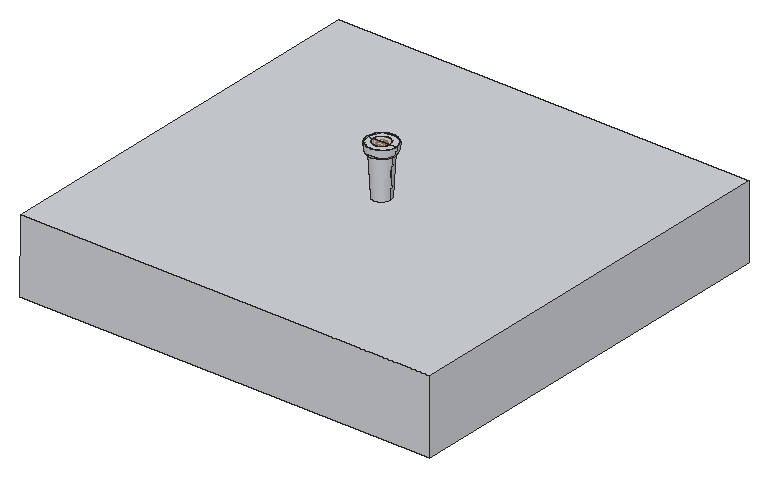
Revit family "Alcon-9036-Revit-Family", category Luminarias, Revit 2025
Family settings
  Anfitrión = Cara
  Cota de conector redondo = Usar diámetro
  Tipo de pieza = Normal
  Corte con vacíos al cargar = No
  Origen de luz = Sí
  Mantener orientación de anotación = No
  Compartido = No
  Punto de cálculo de habitación = No
Parameters
  Tilt Angle = 60.00°
  built-in parameter 1010506 = 0.5236 (stored number, unit not read)
  built-in parameter 1010507 = 1.5708 (stored number, unit not read)
  Wattage = 9.2903 W
  URL = "https://www.alconlighting.com/9036.html"
  built-in parameter 1150107 = 3200 (stored number, unit not read)
  TOP FINISH = none
  TAP LENS = none
  built-in parameter 1150110 = 1 (stored number, unit not read)
  built-in parameter 1150109 = 1 (stored number, unit not read)
  built-in parameter 1150112 = 1 (stored number, unit not read)
  built-in parameter 1150113 = 1 (stored number, unit not read)
  built-in parameter 1114218 = 1 (stored number, unit not read)
  Product Page = "https://www.alconlighting.com/9036.html"
  Product Data URL = "https://www.alconlighting.com/9036.html"
  built-in parameter 1150137 = (empty or 0)
  built-in parameter 1150132 = (empty or 0)
  Modelo = "Alcon Lighting 9036"
  Longitud de símbolo de origen de luz = 10' - 0"
  Link to IES File = "https://www.alconlighting.com/9036.html"
  LENS GLASS = Glass
  built-in parameter 1150105 = 4614.1 (stored number, unit not read)
  built-in parameter 1150102 = (empty or 0)
  built-in parameter 1150106 = 46.141 (stored number, unit not read)
  HOUSING = none
  GLASS LENS = Analytical Panels
  Lumens = 1380 lm
  Color Filter = 16777215
  built-in parameter 1114217 = 1 (stored number, unit not read)
  built-in parameter 1150139 = (empty or 0)
  Fabricante = "Alcon Lighting"
  Default Elevation = 4' - 0"
  built-in parameter 1150104 = 13.8 (stored number, unit not read)
  built-in parameter 1150115 = 1 (stored number, unit not read)
  built-in parameter 1150114 = 1 (stored number, unit not read)
  built-in parameter 1150138 = (empty or 0)
  built-in parameter 1150134 = 3
  Dimming Lamp Color Temperature Shift = (empty or 0)
  built-in parameter 1150133 = 10 (stored number, unit not read)
Reference planes (in)
  plane 1 "Center (Front/Back)": y = 0
  plane 2: z = 0
  plane 3 "Center (Left/Right)": x = 0
Forms (in)
  Extrusion 1, solid
    sketch origin (0, 0, 0) x (1, 0, 0) y (0, 1, 0)
      loop
        line (-33, 32.41633) -> (-33, -32.59453) -> (33.96505, -32.59453) -> (33.96505, 32.41633) -> (-33, 32.41633)
    from 0 to -12
  Revolve 2, solid
    sketch origin (14.6575, 0, 0) x (1, 0, 0) y (0, 0, 1)
      loop
        line (-14.6575, 0) -> (-13.22, 0) -> (-12.86673, 6.74075) -> (-12.47599, 6.74075)
        arc (-12.47599, 6.74075) -> (-12.3903, 6.77474) -> (-12.35122, 6.85824) r 0.125
        line (-12.35122, 6.85824) -> (-12.2825, 8) -> (-12.37616, 8) -> (-12.44533, 6.85073) -> (-12.97484, 6.85073) -> (-13.3264, 0.14265) -> (-14.6575, 0.14265) -> (-14.6575, 0)
      axis (-14.6575, 0) -> (-14.6575, 8)
    angle from 0 to 360
  Revolve 3, solid
    sketch origin (14.6575, 0, 0.00818) x (1, 0, 0) y (0, 0, 1)
      loop
        line (-13.26074, 8) -> (-13.50968, 3.25) -> (-14.6575, 3.25) -> (-14.6575, 3) -> (-13.4075, 3) -> (-13.19774, 7.00244) -> (-12.47726, 7.00244) -> (-12.44347, 7.48559) -> (-12.47536, 7.48559) -> (-12.47536, 7.51684) -> (-12.44129, 7.51684) -> (-12.4075, 8) -> (-13.26074, 8)
      axis (-14.6575, 3) -> (-14.6575, 8)
    angle from 0 to 360
  Revolve 4, solid, material "Analytical Panels" <- "GLASS LENS"
    sketch origin (14.6575, 0, 0.00818) x (1, 0, 0) y (0, 0, 1)
      loop
        line (-14.6575, 7.90376) -> (-13.26889, 7.90376) -> (-13.26889, 7.95328)
        arc (-13.26889, 7.95328) -> (-13.28563, 7.99367) -> (-13.32602, 8.0104) r 0.05713
        line (-13.32602, 8.0104) -> (-14.6575, 8.0104) -> (-14.6575, 7.90376)
      axis (-14.6575, 7.90376) -> (-14.6575, 8.0104)
    angle from 0 to 360
  Revolve 5, solid
    sketch origin (14.6575, 0, 0.00818) x (1, 0, 0) y (0, 0, 1)
      loop
        line (-14.6575, 7.00244) -> (-13.94304, 7.00244) -> (-13.94304, 7.83791) -> (-13.97471, 7.83791) -> (-13.97471, 7.80059) -> (-14.6575, 7.80059) -> (-14.6575, 7.00244)
      axis (-14.6575, 7.83791) -> (-14.6575, 7.00244)
    angle from 0 to 360
Dimensions and locks (in)
  aligned and locked: plane 2 to Extrusion 1
  aligned and locked: level to Extrusion 1
